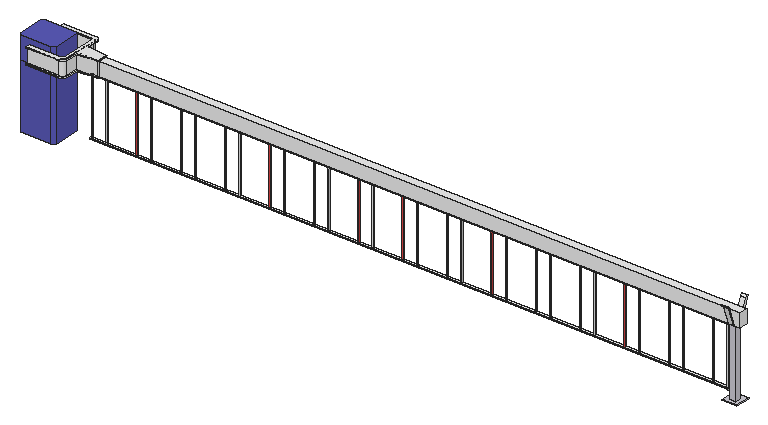
Revit family "LBA12", category Equipement spécialisé, Revit 2017
Family settings
  Cote de connecteur circulaire = Utiliser le diamètre
  Type d'élément = Normal
  Basée sur le plan de construction = Non
  Toujours verticalement = Oui
  Couper avec des vides une fois chargée = Non
  Partagée = Non
  Point de calcul de pièce = Non
Parameters (values of type "LBA12_lisse_GA 9000")
  position_grille1_GA = Origine_GA + 20 mm  # 195 mm
  origine_GTH = 210 mm
  matériau_repose_barrière = POSTE SUPPORT
  URL = "https://barriere-automatique.com/fr/"
  Origine_GA = W + 20 mm  # 175 mm
  matériau_lisse = BLANC_MAT
  matériau_base = BLANC_MAT
  matériau_chapeau = BLANC_MAT
  matériau_borne = Stratifié, bleu marine
  matériau_bandes_rouges = Plastique, rouge reflet
  longueur_lisse = 9000 mm
  longueur_chapeau = longueur_borne  # 420 mm
  longueur_borne = 420 mm
  longueur_HP = longueur_lisse - epaisseur_repose_barrière_V  # 8925 mm
  longueur_GA = longueur_lisse - Origine_GA  # 8825 mm
  largeur_chapeau = largeur_borne  # 490 mm
  largeur_borne = 490 mm
  hauteur_lisse = 180 mm
  hauteur_grille_HP = 900 mm
  h_GTH = 1000 mm
  h_GA = h_chapeau - 120 mm * 2  # 783 mm
  h_repose_barrière = h_chapeau - (hauteur_lisse) / 2  # 933 mm
  h_chapeau = 1023 mm
  h_axe_chapeau = 150 mm
  epaisseur_repose_barrière_V = 75 mm
  epaisseur_lisse = 118 mm
  entreaxe_massifs = 9291 mm
  décalage sous lisse_GA = hauteur_lisse / 2 + 40 mm  # 130 mm
  distance_entre_grilles_GA = 390 mm
  distance_entre_barreau = 200 mm
  diamètre_grillage_GA = 15 mm
  diamètre_bareau_GA = 25 mm
  W = 155 mm
  Visibilité_Support = yes
  Visibilité_HP = no
  origine_grille_HP = 50 mm
  Visibilité_GTH = no
  Visibilité_GA = yes
  Nombre_barreaux_GA = 15
  Modèle = "LBA 12 GA"
  H_FX = 200 mm
  Fabricant = "La Barrière Automatique"
  Angle_lisse [instance] = 0.00°
Types (4, lengths in mm): name | origine_GTH | longueur_lisse | longueur_HP | longueur_GA | h_GTH | entreaxe_massifs | Visibilité_HP | Visibilité_GTH | Visibilité_GA | Nombre_barreaux_GA | Modèle
  (no name) | 210 | 9000 | 8925 | 8825 | 1000 | 9291 | no | no | yes | 15 | "LBA 12 GA"
  LBA12_lisse_HP 6000 | 210 | 6000 | 5925 | 5825 | 1000 | 6340 | yes | no | yes | 11 | "LBA 12 HP"
  LBA12_lisse_GTH 7000 | 350 | 7000 | 6925 | 6825 | 1740 | 7291 | no | yes | no | 11 | "LBA 12 GTH"
  LBA12_lisse_GA 9000 | 210 | 9000 | 8925 | 8825 | 1000 | 9291 | no | no | yes | 15 | "LBA 12 GA"
Reference planes
  plane 1 "Centre (avant/arrière)": y = 0
  plane 2: z = 0
  plane 3 "Centre (gauche/droite)": x = 0
  plane 4 "chapeau_borne": z = 1023
  plane 5 "W": x = 400
  plane 6: z = 97.5
Lines and regions (mm)
  reference lines
    curve 1: line (0, 0, 1023) -> (740, 0, 1023)
  symbolic lines
    curve 2: line (9191, 100, 1023) -> (9253.5, 100, 1023)
    curve 3: line (9328.5, 171.696, 1023) -> (9253.5, 171.696, 1023)
    curve 4: line (9328.5, -171.696, 1023) -> (9253.5, -171.696, 1023)
    curve 5: line (9391, -100, 1023) -> (9391, 100, 1023)
    curve 6: line (9191, 100, 1023) -> (9191, -100, 1023)
    curve 7: line (9191, -100, 1023) -> (9253.5, -100, 1023)
    curve 8: line (9253.5, -100, 1023) -> (9253.5, -171.696, 1023)
    curve 9: line (9253.5, 100, 1023) -> (9253.5, 171.696, 1023)
    curve 10: line (9328.5, 171.696, 1023) -> (9328.5, 100, 1023)
    curve 11: line (9328.5, -171.696, 1023) -> (9328.5, -100, 1023)
    curve 12: line (9328.5, -100, 1023) -> (9391, -100, 1023)
    curve 13: line (9391, 100, 1023) -> (9328.5, 100, 1023)
    curve 14: line (-50, -313.988, 1023) -> (-50, -210, 1023)
Dimensions and locks
  "h_chapeau": plane 4 "chapeau_borne" to plane 2
  "entreaxe_massifs": plane 3 "Centre (gauche/droite)" to nested 4
  "W": nested 2 to plane 5 "W"
  nested 1 to plane 5 "W" = 400 mm
  "Angle_lisse": angle plane 4 "chapeau_borne" to curve 1
  aligned and locked: level to plane 2
  aligned and locked: plane 4 "chapeau_borne" to curve 1
  aligned and locked: plane 3 "Centre (gauche/droite)" to curve 1
  aligned and locked: plane 1 "Centre (avant/arrière)" to nested 2
  aligned and locked: plane 1 "Centre (avant/arrière)" to nested 1
  aligned and locked: plane 3 "Centre (gauche/droite)" to nested 1
  aligned and locked: plane 1 "Centre (avant/arrière)" to nested 4
  aligned and locked: curve 5 to nested 4
  aligned and locked: curve 8 to nested 4
  aligned and locked: curve 7 to nested 4
  aligned and locked: curve 6 to nested 4
  aligned and locked: curve 4 to nested 4
  aligned and locked: nested 4 to curve 9
  aligned and locked: curve 3 to nested 4
  aligned and locked: curve 10 to nested 4
  aligned and locked: curve 11 to nested 4
  aligned and locked: curve 12 to nested 4
  aligned and locked: curve 13 to nested 4
  aligned and locked: plane 3 "Centre (gauche/droite)" to nested 2
  aligned and locked: nested 2 to plane 4 "chapeau_borne"
  aligned and locked: nested 2 to nested 1
Automatic sketch dimensions
  curve 14 to plane 3 "Centre (gauche/droite)" = 50 mm
  curve 3 to curve 9 = 71.696 mm
  curve 14 to curve 14 = 103.988 mm
  plane 1 "Centre (avant/arrière)" to curve 14 = 313.988 mm
Nested families
  nested 1: "borne_LBA" at (0, 0, 0), type "Bone base"
    with hauteur 873 mm
  nested 2: "chapeau_borne_blue_LBA" at (0, 0, 1023), type "Bone base"
    with longueur 420 mm, largeur 490 mm, hauteur 150 mm
  nested 3: "lisse_HP_LBA" at (400, 0, 1023), type "lisse"
    with longueur 9000 mm, L_moins_variables 8999.7 mm
  nested 4: "répose_barrière_LBA" at (9291, 0, 0), visible <- "Visibilité_Support", type "support_base"
  nested 5: "lisse_ovale_GA_LBA" at (400, 0, 1023), visible <- "Visibilité_GA", type "rideau pour lisse"
    with longueur_moins_x 8650 mm, groupes 15, longueur 8825 mm
  nested 6: "attache borne_pour LBA86HP_LBA" at (0, 0, 1023) x (1, 0, 0) z (0, 0, -1), type "attache borne_pour LBA86HP_LBA"
    with longueur_borne 420 mm, largeur_borne 490 mm, h_lisse_ext_FX 180 mm, longueur_attache 520 mm, largeur_attache 400 mm, w 155 mm, epaisseur_lisse_ext_FX 118 mm, h_demi 100 mm, e_embout_bord 138 mm, U_hauteur 200 mm
  nested 7: "lisse_GrilleHP_LBA" at (400, 0, 1123), visible <- "Visibilité_HP", type "rideau pour lisse"
    with longueur_moins_x 8875 mm, groupes 15, longueur 8925 mm
  nested 8: "lisse_ovale_GTH_LBA" at (400, 0, 1023) x (1, 0, 0) z (0, 0, -1), visible <- "Visibilité_GTH", type "rideau pour lisse"
    with origine_groupe 240 mm, longueur_moins_x 8615 mm, epaisseur_lisse 118 mm, origine 210 mm, longueur 8825 mm
Definition of nested family "borne_LBA"
  Parameters (values of type "Bone base")
    longueur = 420 mm
    largeur = 490 mm
    hauteur [instance] = 1028 mm
    Matériaux borne = none
  Reference planes
    plane 1 "Centre (avant/arrière)": y = 0
    plane 2: z = 0
    plane 3 "Centre (gauche/droite)": x = 0
    plane 4: y = 210
    plane 5: x = 245
    plane 6: y = -210
    plane 7: x = -245
    plane 8: z = 1028
    plane 9: y = 170
    plane 10: y = -170
    plane 11: x = -205
    plane 12: x = 205
  Forms (mm)
    Extrusion 1, solid, material <- "Matériaux borne"
      sketch origin (0, 0, 0) x (1, 0, 0) y (0, 1, 0)
        loop
          line (-245, 210) -> (-245, -210) -> (245, -210) -> (245, 210) -> (-245, 210)
      from 0 to 1028
    Extrusion 2, void
      sketch origin (0, 0, 0) x (1, 0, 0) y (0, 1, 0)
        loop
          line (-245, 170) -> (-205, 210) -> (-245, 210) -> (-245, 170)
        loop
          line (245, 170) -> (245, 210) -> (205, 210) -> (245, 170)
        loop
          line (-245, -170) -> (-245, -210) -> (-205, -210) -> (-245, -170)
        loop
          line (245, -170) -> (205, -210) -> (245, -210) -> (245, -170)
      from 0 to 1028
  Cuts and joins
    Extrusion 2 cuts Extrusion 1
  Lines and regions (mm)
    symbolic lines
      curve 1: line (-245, 210, 0) -> (245, 210, 0)
      curve 2: line (-245, -210, 0) -> (-245, 210, 0)
      curve 3: line (245, -210, 0) -> (-245, -210, 0)
      curve 4: line (245, 210, 0) -> (245, -210, 0)
  Dimensions and locks
    equal spacing: plane 4, plane 1 "Centre (avant/arrière)", plane 6
    "longueur": plane 4 to plane 6
    equal spacing: plane 7, plane 3 "Centre (gauche/droite)", plane 5
    "largeur": plane 7 to plane 5
    "hauteur": plane 8 to plane 2
    equal spacing: plane 11, plane 3 "Centre (gauche/droite)", plane 12
    equal spacing: plane 9, plane 1 "Centre (avant/arrière)", plane 10
    plane 7 to plane 11 = 40 mm
    plane 4 to plane 9 = 40 mm
    aligned and locked: level to plane 2
    aligned and locked: Extrusion 1 sketch curve to plane 4
    aligned and locked: plane 7 to Extrusion 1 sketch curve
    aligned and locked: plane 6 to Extrusion 1 sketch curve
    aligned and locked: Extrusion 1 sketch curve to plane 5
    aligned and locked: plane 8 to Extrusion 1
    aligned and locked: Extrusion 2 sketch curve to plane 4
    aligned and locked: plane 7 to Extrusion 2 sketch curve
    aligned and locked: plane 11 to Extrusion 2 sketch curve  (x2)
    aligned and locked: plane 9 to Extrusion 2 sketch curve  (x2)
    aligned and locked: plane 4 to Extrusion 2 sketch curve  (x2)
    aligned and locked: Extrusion 2 sketch curve to plane 6
    aligned and locked: Extrusion 2 sketch curve to plane 7
    aligned and locked: plane 10 to Extrusion 2 sketch curve  (x2)
    aligned and locked: Extrusion 2 sketch curve to plane 5
    aligned and locked: plane 6 to Extrusion 2 sketch curve
    aligned and locked: plane 5 to Extrusion 2 sketch curve
    aligned and locked: plane 12 to Extrusion 2 sketch curve  (x2)
    aligned and locked: plane 8 to Extrusion 2
    aligned and locked: curve 4 to plane 5
    aligned and locked: curve 1 to plane 4
    aligned and locked: plane 7 to curve 2
    aligned and locked: plane 6 to curve 3
Definition of nested family "chapeau_borne_blue_LBA"
  Parameters (values of type "Bone base")
    longueur = 400 mm
    largeur = 420 mm
    hauteur = 112 mm
    Matériaux borne = none
  Reference planes
    plane 1 "Centre (avant/arrière)": y = 0
    plane 2: z = 0
    plane 3 "Centre (gauche/droite)": x = 0
    plane 4: y = 200
    plane 5: x = 210
    plane 6: y = -200
    plane 7: x = -210
    plane 8: z = 112
    plane 9 "base chapeau": z = -112
    plane 10: y = 160
    plane 11: y = -160
    plane 12: x = -170
    plane 13: x = 170
  Forms (mm)
    Sweep 1, solid, material <- "Matériaux borne"
      path origin (0, 0, -112) x (-1, 0, 0) y (0, -1, 0)
        loop
          line (0, -200) -> (0, 200)
      profile origin (0, 0, -112) x (1, 0, 0) y (0, 0, 1)
        loop
          line (-210, 0) -> (210, 0) -> (210, 224) -> (-210, 224) -> (-210, 0)
    Extrusion 2, void
      sketch origin (0, 0, -112) x (-1, 0, 0) y (0, -1, 0)
        loop
          line (210, -200) -> (210, -160) -> (170, -200) -> (210, -200)
        loop
          line (-210, -200) -> (-170, -200) -> (-210, -160) -> (-210, -200)
        loop
          line (210, 200) -> (170, 200) -> (210, 160) -> (210, 200)
        loop
          line (-210, 200) -> (-210, 160) -> (-170, 200) -> (-210, 200)
      from 0 to 224
  Cuts and joins
    Extrusion 2 cuts Sweep 1
  Lines and regions (mm)
    symbolic lines
      curve 1: line (-290, 0, 0) -> (320, 0, 0)
  Dimensions and locks
    equal spacing: plane 4, plane 1 "Centre (avant/arrière)", plane 6
    "longueur": plane 4 to plane 6
    equal spacing: plane 7, plane 3 "Centre (gauche/droite)", plane 5
    "largeur": plane 7 to plane 5
    "hauteur": plane 8 to plane 2
    "hauteur": plane 2 to plane 9 "base chapeau"
    equal spacing: plane 10, plane 1 "Centre (avant/arrière)", plane 11
    equal spacing: plane 12, plane 3 "Centre (gauche/droite)", plane 13
    plane 4 to plane 10 = 40 mm
    plane 7 to plane 12 = 40 mm
    aligned and locked: level to plane 2
    aligned and locked: plane 6 to Sweep 1 sketch curve
    aligned and locked: plane 4 to Sweep 1 sketch curve
    aligned and locked: Sweep 1 sketch curve to plane 9 "base chapeau"
    aligned and locked: plane 5 to Sweep 1 sketch curve
    aligned and locked: plane 7 to Sweep 1 sketch curve
    aligned and locked: Sweep 1 sketch curve to plane 8
    aligned and locked: curve 1 to plane 2
    aligned and locked: plane 12 to Extrusion 2 sketch curve  (x2)
    aligned and locked: plane 10 to Extrusion 2 sketch curve  (x2)
    aligned and locked: Extrusion 2 sketch curve to plane 4
    aligned and locked: plane 7 to Extrusion 2 sketch curve  (x2)
    aligned and locked: Extrusion 2 sketch curve to plane 6
    aligned and locked: Extrusion 2 sketch curve to plane 7
    aligned and locked: plane 6 to Extrusion 2 sketch curve  (x2)
    aligned and locked: Extrusion 2 sketch curve to plane 5
    aligned and locked: plane 11 to Extrusion 2 sketch curve  (x2)
    aligned and locked: plane 13 to Extrusion 2 sketch curve  (x2)
    aligned and locked: plane 4 to Extrusion 2 sketch curve  (x2)
    aligned and locked: plane 5 to Extrusion 2 sketch curve
    aligned and locked: plane 8 to Extrusion 2
    aligned and locked: Extrusion 2 to plane 9 "base chapeau"
  Automatic sketch dimensions
    Sweep 1 sketch curve to plane 3 "Centre (gauche/droite)" = 0 mm
    curve 1 to plane 7 = 80 mm
    plane 5 to curve 1 = 110 mm
Definition of nested family "lisse_HP_LBA"
  Parameters (values of type "lisse")
    longueur_variable1 = 0.3 mm
    matériau bandeau = none
    longueur_variable2 = Variable_totale - longueur_variable1  # 249.7 mm
    longueur = 4000 mm
    hauteur_totale = 180 mm
    hauteur = hauteur_totale / 2  # 90 mm
    espacement_vide = epaisseur_lisse / 2.5  # 47.2 mm
    epaisseur_lisse = 118 mm
    decalage vide = hauteur / 1.5  # 60 mm
    Variable_totale = 250 mm
    Matériaux lisse = none
    L_moins_variables = longueur - longueur_variable1  # 3999.7 mm
    Default Elevation = 1219.2 mm
  Reference planes
    plane 1 "Centre (avant/arrière)": y = 0
    plane 2: z = 0
    plane 3 "Centre (gauche/droite)": x = 0
    plane 4: y = 59
    plane 5: x = 3999.7
    plane 6: y = -59
    plane 7: x = -0.3
    plane 8: z = 90
    plane 9 "base chapeau": z = -90
    plane 10: x = 249.7
  Forms (mm)
    Extrusion 1, solid, material <- "Matériaux lisse"
      sketch origin (0, 0, 0) x (0, 1, 0) y (0, 0, 1)
        loop
          line (-59, 90) -> (-59, -90) -> (59, -90) -> (59, 90) -> (-59, 90)
      from -0.3 to 3999.7
  Lines and regions (mm)
    symbolic lines
      curve 1: line (-0.3, 59, 0) -> (3999.7, 59, 0)
      curve 2: line (-0.3, -59, 0) -> (-0.3, 59, 0)
      curve 3: line (3999.7, -59, 0) -> (-0.3, -59, 0)
      curve 4: line (3999.7, 59, 0) -> (3999.7, -59, 0)
  Dimensions and locks
    equal spacing: plane 4, plane 1 "Centre (avant/arrière)", plane 6
    "epaisseur_lisse": plane 4 to plane 6
    "hauteur": plane 8 to plane 2
    "hauteur": plane 2 to plane 9 "base chapeau"
    "longueur_variable1": plane 7 to plane 3 "Centre (gauche/droite)"
    "L_moins_variables": plane 3 "Centre (gauche/droite)" to plane 5
    "longueur_variable2": plane 3 "Centre (gauche/droite)" to plane 10
    plane 7 to plane 5 = 4000 mm
    aligned and locked: level to plane 2
    aligned and locked: Extrusion 1 sketch curve to plane 8
    aligned and locked: plane 6 to Extrusion 1 sketch curve
    aligned and locked: plane 9 "base chapeau" to Extrusion 1 sketch curve
    aligned and locked: Extrusion 1 sketch curve to plane 4
    aligned and locked: Extrusion 1 to plane 7
    aligned and locked: plane 5 to Extrusion 1
    aligned and locked: curve 1 to Extrusion 1
    aligned and locked: curve 3 to Extrusion 1
    aligned and locked: curve 4 to Extrusion 1
    aligned and locked: plane 7 to curve 2
Definition of nested family "répose_barrière_LBA"
  Parameters (values of type "support_base")
    matériau_repose_barrier = none
    matériau_plaque au pied = none
    longueur = 200 mm
    largeur = 200 mm
    h_support = 856 mm
    epaisseur_support_V = 100 mm
    epaisseur_barrière = 75 mm
    epaisseur = 6 mm
  Reference planes
    plane 1 "Centre (avant/arrière)": y = 0
    plane 2: z = 0
    plane 3 "Centre (gauche/droite)": x = 0
    plane 4: y = 100
    plane 5: x = 100
    plane 6: x = -100
    plane 7: y = -100
    plane 8: y = 40
    plane 9: y = -40
    plane 10: x = 50
    plane 11: x = -50
    plane 12: z = 6
    plane 13 "h": z = 856
  Forms (mm)
    Extrusion 1, solid, material <- "matériau_plaque au pied"
      sketch origin (0, 0, 0) x (1, 0, 0) y (0, 1, 0)
        loop
          line (-100, 100) -> (-100, -100) -> (100, -100) -> (100, 100) -> (-100, 100)
      from 0 to 6
    Extrusion 2, solid, material <- "matériau_plaque au pied"
      sketch origin (0, 0, 0) x (1, 0, 0) y (0, 1, 0)
        loop
          line (-50, 40) -> (-50, -40) -> (50, -40) -> (50, 40) -> (-50, 40)
      from 0 to 856
  Cuts and joins
    joined: Extrusion 1, Extrusion 2
  Lines and regions (mm)
    symbolic lines
      curve 1: line (-100, 100, 0) -> (-50, 100, 0)
      curve 2: line (-100, -100, 0) -> (-100, 100, 0)
      curve 3: line (100, -100, 0) -> (50, -100, 0)
      curve 4: line (100, 100, 0) -> (100, -100, 0)
      curve 5: line (-50, 171.696, 0) -> (50, 171.696, 0)
      curve 6: line (-50, -171.696, 0) -> (-50, -100, 0)
      curve 7: line (50, -171.696, 0) -> (-50, -171.696, 0)
      curve 8: line (50, 171.696, 0) -> (50, 100, 0)
      curve 9: line (50, -100, 0) -> (50, -171.696, 0)
      curve 10: line (-50, 100, 0) -> (-50, 171.696, 0)
      curve 11: line (-50, -100, 0) -> (-100, -100, 0)
      curve 12: line (50, 100, 0) -> (100, 100, 0)
      curve 13: line (-50, 0, 856) -> (50, 0, 856)
      curve 14: line (-50, 0, 6) -> (-50, 0, 856)
      curve 15: line (50, 0, 856) -> (50, 0, 6)
      curve 19: line (-100, 0, 6) -> (-50, 0, 6)
      curve 20: line (50, 0, 6) -> (100, 0, 6)
      curve 21: line (0, -100, 6) -> (0, -40, 6)
      curve 22: line (0, -100, 0) -> (0, -100, 6)
      curve 23: line (0, 100, 0) -> (0, -100, 0)
      curve 24: line (0, 100, 6) -> (0, 100, 0)
      curve 25: line (0, -40, 856) -> (0, 40, 856)
      curve 26: line (0, -40, 6) -> (0, -40, 856)
      curve 27: line (0, 40, 856) -> (0, 40, 6)
      curve 28: line (0, 40, 6) -> (0, 100, 6)
      curve 29: line (0, 40, 856) -> (0, 144.418, 1099.561)
      curve 30: line (0, 144.418, 1099.561) -> (0, 169.985, 1125.127)
      curve 31: line (0, -40, 856) -> (0, -144.418, 1099.561)
      curve 32: line (0, -144.418, 1099.561) -> (0, -169.985, 1125.127)
    model lines
      curve 16: line (-100, 0, 6) -> (-100, 0, 0)
    model lines, not visible
      curve 17: line (100, 0, 6) -> (100, 0, 0)
      curve 18: line (-100, 0, 0) -> (100, 0, 0)
  Dimensions and locks
    equal spacing: plane 6, plane 3 "Centre (gauche/droite)", plane 5
    "largeur": plane 6 to plane 5
    equal spacing: plane 4, plane 1 "Centre (avant/arrière)", plane 7
    "longueur": plane 4 to plane 7
    equal spacing: plane 11, plane 3 "Centre (gauche/droite)", plane 10
    equal spacing: plane 8, plane 1 "Centre (avant/arrière)", plane 9
    "epaisseur": plane 12 to plane 2
    "h_support": plane 13 "h" to plane 2
    plane 1 "Centre (avant/arrière)" to Extrusion 2 = 40 mm
    "epaisseur_support_V": plane 11 to plane 10
    plane 8 to plane 9 = 80 mm
    aligned and locked: level to plane 2
    aligned and locked: plane 6 to Extrusion 1
    aligned and locked: Extrusion 1 sketch curve to plane 5
    aligned and locked: plane 6 to Extrusion 1 sketch curve
    aligned and locked: plane 7 to Extrusion 1 sketch curve
    aligned and locked: Extrusion 1 sketch curve to plane 4
    aligned and locked: Extrusion 2 sketch curve to plane 8
    aligned and locked: plane 11 to Extrusion 2 sketch curve
    aligned and locked: plane 9 to Extrusion 2 sketch curve
    aligned and locked: Extrusion 2 sketch curve to plane 10
    aligned and locked: plane 12 to Extrusion 1
    aligned and locked: plane 3 "Centre (gauche/droite)" to nested 1
    aligned and locked: plane 1 "Centre (avant/arrière)" to nested 1
    aligned and locked: plane 13 "h" to cut or joined group of Extrusion 1, Extrusion 2
    aligned and locked: curve 5 to nested 1
    aligned and locked: curve 1 to plane 4
    aligned and locked: curve 4 to plane 5
    aligned and locked: plane 6 to curve 2
    aligned and locked: curve 7 to nested 1
    aligned and locked: plane 7 to curve 3
    aligned and locked: curve 8 to plane 10
    aligned and locked: plane 7 to curve 9
    aligned and locked: curve 9 to plane 10
    aligned and locked: plane 4 to curve 10
    aligned and locked: plane 11 to curve 6
    aligned and locked: plane 11 to curve 11
    aligned and locked: plane 11 to curve 1
    aligned and locked: plane 10 to curve 12
    aligned and locked: curve 15 to plane 10
    aligned and locked: plane 11 to curve 14
    aligned and locked: curve 18 to plane 2
    aligned and locked: plane 12 to curve 17
    aligned and locked: plane 12 to curve 16
    aligned and locked: curve 13 to plane 13 "h"
    aligned and locked: curve 24 to plane 4
    aligned and locked: plane 7 to curve 22
    aligned and locked: plane 2 to curve 23
    aligned and locked: curve 21 to plane 12
    aligned and locked: plane 9 to curve 26
    aligned and locked: curve 25 to plane 13 "h"
    aligned and locked: curve 27 to plane 8
    aligned and locked: plane 12 to curve 27
    aligned and locked: plane 12 to curve 26
    aligned and locked: nested 1 to curve 30
    aligned and locked: plane 13 "h" to curve 29
    aligned and locked: nested 1 to curve 32
    aligned and locked: plane 9 to curve 31
  Automatic sketch dimensions
    curve 8 to plane 4 = 0 mm
    curve 11 to plane 7 = 0 mm
    curve 32 to plane 7 = 44.418 mm
    plane 4 to curve 29 = 44.418 mm
    plane 13 "h" to curve 29 = 243.561 mm
    curve 32 to curve 31 = 25.566 mm
    curve 29 to curve 30 = 25.566 mm
    curve 31 to curve 32 = 25.566 mm
    curve 16 to plane 6 = 0 mm
    curve 18 to plane 5 = 0 mm
  Nested families
    nested 1: "répose_barrière_forme_V_LBA" at (0, 0, 856), type "support_base"
      with longueur 75 mm
  Definition of nested family "répose_barrière_forme_V_LBA"
    Parameters (values of type "support_base")
      matériau_répose_barrière = none
      longueur = 150 mm
      largeur = 100 mm
      h_support = 916 mm
      epaisseur = 6 mm
      Default Elevation = 1219.2 mm
    Reference planes
      plane 1 "Centre (avant/arrière)": y = 0
      plane 2: z = 0
      plane 3 "Centre (gauche/droite)": x = 0
      plane 4: y = 75
      plane 5: x = 50
      plane 6: x = -50
      plane 7: y = -75
      plane 8: x = 33.265
      plane 9: x = -33.265
    Forms (mm)
      Sweep 1, solid, material <- "matériau_répose_barrière"
        path origin (0, 0, 0) x (1, 0, 0) y (0, 1, 0)
          loop
            line (-50, 0) -> (50, 0)
        profile origin (0, 0, 0) x (0, 1, 0) y (0, 0, 1)
          loop
            line (0, 0) -> (-75, 0) -> (-143.412, 246.202) -> (-168.161, 270.951) -> (-171.696, 267.415) -> (-147.877, 243.596) -> (-78.8, -5) -> (0, -5) -> (78.8, -5) -> (147.877, 243.596) -> (171.696, 267.415) -> (168.161, 270.951) -> (143.412, 246.202) -> (75, 0) -> (0, 0)
    Dimensions and locks
      equal spacing: plane 6, plane 3 "Centre (gauche/droite)", plane 5
      "largeur": plane 6 to plane 5
      equal spacing: plane 4, plane 1 "Centre (avant/arrière)", plane 7
      "longueur": plane 4 to plane 7
      equal spacing: plane 9, plane 3 "Centre (gauche/droite)", plane 8
      aligned and locked: level to plane 2
      aligned and locked: plane 5 to Sweep 1 sketch curve
      aligned and locked: plane 6 to Sweep 1 sketch curve
      aligned and locked: plane 7 to Sweep 1 sketch curve
      aligned and locked: plane 2 to Sweep 1 sketch curve  (x2)
      aligned and locked: plane 4 to Sweep 1 sketch curve
    Automatic sketch dimensions
      plane 1 "Centre (avant/arrière)" to Sweep 1 sketch curve = 0 mm
      Sweep 1 sketch curve to profile plane = 0 mm  (x2)
      Sweep 1 sketch curve to level = 5 mm
      Sweep 1 sketch curve to Sweep 1 sketch curve = 3.8 mm  (x2)
      profile plane to Sweep 1 sketch curve = 143.412 mm
      Sweep 1 sketch curve to Sweep 1 sketch curve = 4.465 mm
      Sweep 1 sketch curve to Sweep 1 sketch curve = 20.283 mm  (x2)
      Sweep 1 sketch curve to Sweep 1 sketch curve = 3.536 mm  (x3)
      Sweep 1 sketch curve to profile plane = 143.412 mm
      level to Sweep 1 sketch curve = 243.596 mm  (x2)
      Sweep 1 sketch curve to Sweep 1 sketch curve = 2.606 mm  (x2)
Definition of nested family "lisse_ovale_GA_LBA"
  Parameters (values of type "rideau pour lisse")
    matériau_barrière_rideau = none
    matériau_bandeau = none
    longueur_moins_x = longueur - Origine_grille_GA  # 5750 mm
    h_rideau = 783 mm
    groupes = 12
    décalage_souslisse = 130 mm
    diamètre_vertical = 15 mm
    diamètre_horizontal = 25 mm
    d_entre_barreau = d_barreau 1 * 2  # 390 mm
    d_barreau 1 = 195 mm
    longueur = 5925 mm
    Origine_grille_GA = 175 mm
    Default Elevation = 1219.2 mm
  Reference planes
    plane 1 "Centre (avant/arrière)": y = 0
    plane 2: z = 0
    plane 3 "Centre (gauche/droite)": x = 0
    plane 4 "s": z = -130
    plane 5: x = 175
    plane 6 "base rideau": z = -913
    plane 7: x = 5925
    plane 8: x = 5895
    plane 9: x = 390
    plane 10: x = 5895
    plane 11: x = 890.455
    plane 12: x = 1390.909
    plane 13: x = 1891.364
    plane 14: x = 2391.818
    plane 15: x = 2892.273
    plane 16: x = 3392.727
    plane 17: x = 3893.182
    plane 18: x = 4393.636
    plane 19: x = 4894.091
    plane 20: x = 5394.545
  Forms (mm)
    Sweep 1, solid, material <- "matériau_barrière_rideau"
      path origin (0, 0, -130) x (-1, 0, 0) y (0, -1, 0)
        loop
          line (-175, 0) -> (-5925, 0)
      profile origin (3050, 0, -130) x (0, 1, 0) y (0, 0, 1)
        loop
          circle (0, 0) r 12.5
    Sweep 2, solid, material <- "matériau_barrière_rideau"
      path origin (0, 0, -913) x (-1, 0, 0) y (0, -1, 0)
        loop
          line (-175, 0) -> (-5925, 0)
      profile origin (3050, 0, -913) x (0, 1, 0) y (0, 0, 1)
        loop
          circle (0, 0) r 12.5
  Lines and regions (mm)
    model lines, not visible
      curve 1: line (0, 120, -913) -> (0, -120, -913)
      curve 2: line (-80, 0, -913) -> (100, 0, -913)
  Dimensions and locks
    "décalage_souslisse": plane 2 to plane 4 "s"
    "Origine_grille_GA": plane 3 "Centre (gauche/droite)" to plane 5
    "longueur_moins_x": plane 5 to plane 7
    "h_rideau": plane 4 "s" to plane 6 "base rideau"
    equal spacing: group 1, group 3, group 4, group 5, group 6, group 7, group 8, group 9, group 10, group 11, group 12, group 2  (x3)
    plane 7 to plane 8 = 30 mm
    "diamètre_horizontal": diameter of Sweep 1 sketch curve
    "diamètre_horizontal": diameter of Sweep 2 sketch curve
    aligned and locked: level to plane 2
    aligned and locked: plane 5 to Sweep 1 sketch curve
    aligned and locked: plane 1 "Centre (avant/arrière)" to Sweep 1 sketch curve
    aligned and locked: plane 5 to Sweep 2 sketch curve
    aligned and locked: plane 7 to Sweep 1 sketch curve
    aligned and locked: plane 7 to Sweep 2 sketch curve
    aligned and locked: plane 4 "s" to nested 1  (x2)
    aligned and locked: nested 1 to plane 4 "s"  (x2)
    aligned and locked: nested 2 to plane 4 "s"  (x2)
    aligned and locked: nested 1 to plane 6 "base rideau"  (x2)
    aligned and locked: plane 1 "Centre (avant/arrière)" to curve 2
    aligned and locked: curve 1 to plane 3 "Centre (gauche/droite)"
    aligned and locked: nested 1 to plane 3 "Centre (gauche/droite)"
    aligned and locked: nested 2 to plane 8
    aligned and locked: plane 9 to nested 1
    aligned and locked: plane 10 to nested 2
    aligned and locked: plane 11 to nested 3
    aligned and locked: plane 12 to nested 4
    aligned and locked: plane 13 to nested 5
    aligned and locked: plane 14 to nested 6
    aligned and locked: plane 15 to nested 7
    aligned and locked: plane 16 to nested 8
    aligned and locked: plane 17 to nested 9
    aligned and locked: plane 18 to nested 10
    aligned and locked: plane 10 to plane 8
    aligned and locked: plane 19 to nested 11
    aligned and locked: plane 20 to nested 12
  Automatic sketch dimensions
    plane 1 "Centre (avant/arrière)" to Sweep 2 sketch curve = 0 mm
    plane 3 "Centre (gauche/droite)" to curve 2 = 100 mm
    curve 2 to plane 3 "Centre (gauche/droite)" = 80 mm
    curve 1 to plane 1 "Centre (avant/arrière)" = 120 mm
    plane 1 "Centre (avant/arrière)" to curve 1 = 120 mm
    Sweep 1 sketch curve to plane 4 "s" = 0 mm
    Sweep 1 sketch curve to profile plane = 0 mm
    Sweep 2 sketch curve to plane 6 "base rideau" = 0 mm
    Sweep 2 sketch curve to profile plane = 0 mm
  Nested families
    nested 1: "rideau_base_groupeGA_LBA" at (0, 0, -130), type "rideau_base_groupeGA_LBA"
      with largeur 390 mm, h 783 mm, a 195 mm
    nested 2: "rideau_base_groupeGA_LBA" at (5505, 0, -130), type "rideau_base_groupeGA_LBA"
      with largeur 390 mm, h 783 mm, a 195 mm
    nested 3: "rideau_base_groupeGA_LBA" at (500.455, 0, -130), type "rideau_base_groupeGA_LBA"
      with largeur 390 mm, h 783 mm, a 195 mm
    nested 4: "rideau_base_groupeGA_LBA" at (1000.909, 0, -130), type "rideau_base_groupeGA_LBA"
      with largeur 390 mm, h 783 mm, a 195 mm
    nested 5: "rideau_base_groupeGA_LBA" at (1501.364, 0, -130), type "rideau_base_groupeGA_LBA"
      with largeur 390 mm, h 783 mm, a 195 mm
    nested 6: "rideau_base_groupeGA_LBA" at (2001.818, 0, -130), type "rideau_base_groupeGA_LBA"
      with largeur 390 mm, h 783 mm, a 195 mm
    nested 7: "rideau_base_groupeGA_LBA" at (2502.273, 0, -130), type "rideau_base_groupeGA_LBA"
      with largeur 390 mm, h 783 mm, a 195 mm
    nested 8: "rideau_base_groupeGA_LBA" at (3002.727, 0, -130), type "rideau_base_groupeGA_LBA"
      with largeur 390 mm, h 783 mm, a 195 mm
    nested 9: "rideau_base_groupeGA_LBA" at (3503.182, 0, -130), type "rideau_base_groupeGA_LBA"
      with largeur 390 mm, h 783 mm, a 195 mm
    nested 10: "rideau_base_groupeGA_LBA" at (4003.636, 0, -130), type "rideau_base_groupeGA_LBA"
      with largeur 390 mm, h 783 mm, a 195 mm
    nested 11: "rideau_base_groupeGA_LBA" at (4504.091, 0, -130), type "rideau_base_groupeGA_LBA"
      with largeur 390 mm, h 783 mm, a 195 mm
    nested 12: "rideau_base_groupeGA_LBA" at (5004.545, 0, -130), type "rideau_base_groupeGA_LBA"
      with largeur 390 mm, h 783 mm, a 195 mm
  Definition of nested family "rideau_base_groupeGA_LBA"
    Parameters (values of type "rideau_base_groupeGA_LBA")
      matériau_reflet = none
      matériau_base = none
      largeur = 350 mm
      h = 900 mm
      d_rid = 15 mm
      a = 100 mm
    Reference planes
      plane 1 "Centre (avant/arrière)": y = 0
      plane 2: z = 0
      plane 3 "Centre (gauche/droite)": x = 0
      plane 4: x = 350
      plane 5: z = -900
      plane 6: x = 100
    Forms (mm)
      Extrusion 1, solid, material <- "matériau_reflet"
        sketch origin (0, 0, 0) x (1, 0, 0) y (0, 1, 0)
          loop
            circle (100, 0) r 7.5
        from 0 to -900
      Extrusion 2, solid, material <- "matériau_base"
        sketch origin (0, 0, 0) x (1, 0, 0) y (0, 1, 0)
          loop
            circle (350, 0) r 7.5
        from 0 to -900
    Lines and regions (mm)
      model lines, not visible
        curve 1: line (0, 0, 40) -> (0, 0, -40)
        curve 2: line (-40, 0, 0) -> (40, 0, 0)
    Dimensions and locks
      "largeur": plane 3 "Centre (gauche/droite)" to plane 4
      "h": plane 2 to plane 5
      "a": plane 3 "Centre (gauche/droite)" to plane 6
      "d_rid": diameter of Extrusion 1 sketch curve
      "d_rid": diameter of Extrusion 2 sketch curve
      aligned and locked: level to plane 2
      aligned and locked: Extrusion 1 to plane 5
      aligned and locked: Extrusion 2 to plane 5
      aligned and locked: curve 1 to plane 3 "Centre (gauche/droite)"
      aligned and locked: curve 2 to plane 2
    Automatic sketch dimensions
      curve 2 to plane 3 "Centre (gauche/droite)" = 40 mm
      plane 3 "Centre (gauche/droite)" to curve 2 = 40 mm
      curve 1 to level = 40 mm
      level to curve 1 = 40 mm
      plane 1 "Centre (avant/arrière)" to Extrusion 1 sketch curve = 0 mm
      Extrusion 1 sketch curve to plane 6 = 0 mm
      plane 1 "Centre (avant/arrière)" to Extrusion 2 sketch curve = 0 mm
      Extrusion 2 sketch curve to plane 4 = 0 mm
Definition of nested family "attache borne_pour LBA86HP_LBA"
  Parameters (values of type "attache borne_pour LBA86HP_LBA")
    y = 200 mm
    t_détailbord = 60 mm
    longueur_borne = 400 mm
    largeur_borne = 410 mm
    h_lisse_ext_FX = 200 mm
    matériau = none
    longueur_attache = longueur_borne + 100 mm  # 500 mm
    largeur_attache = largeur_borne / 2 + w  # 395 mm
    w = 190 mm
    epaisseur_lisse_ext_FX = 134.34 mm
    h_demi = U_hauteur / 2  # 110 mm
    e_embout_bord = epaisseur_lisse_ext_FX + e_FX * 2  # 154.34 mm
    e_FX = 10 mm
    U_hauteur = h_lisse_ext_FX + e_FX * 2  # 220 mm
    U_e = 30 mm
    L_embout_FX = 300 mm
    Default Elevation = 1219.2 mm
  Reference planes
    plane 1 "Centre (avant/arrière)": y = 0
    plane 2: z = 0
    plane 3 "Centre (gauche/droite)": x = 0
    plane 4 "arriere": y = 250
    plane 5: x = 395
    plane 6: y = -250
    plane 7 "h": z = 110
    plane 8 "b": z = -110
    plane 9: z = 0
    plane 10: x = -50
    plane 11: x = -205
    plane 12: x = 205
    plane 13: y = -200
    plane 14: y = 200
    plane 15: z = 118
    plane 16: z = -118
    plane 17: y = -100
    plane 18: y = 100
    plane 19: x = 725
    plane 20: y = -77.17
    plane 21: y = 77.17
    plane 22: x = 425
  Forms (mm)
    Extrusion 1, solid, material <- "matériau"
      sketch origin (0, 0, 0) x (1, 0, 0) y (0, 1, 0)
        loop
          line (-50, 250) -> (365, 250)
          arc (365, 250) -> (386.213, 241.213) -> (395, 220) r 30
          line (395, 220) -> (395, -220)
          arc (395, -220) -> (386.213, -241.213) -> (365, -250) r 30
          line (365, -250) -> (-50, -250) -> (-50, -280) -> (365, -280)
          arc (365, -280) -> (407.426, -262.426) -> (425, -220) r 60
          line (425, -220) -> (425, 220)
          arc (425, 220) -> (407.426, 262.426) -> (365, 280) r 60
          line (365, 280) -> (-50, 280) -> (-50, 250)
      from -110 to 110
    Extrusion 2, solid, material <- "matériau"
      sketch origin (0, 0, 110) x (0, -1, 0) y (1, 0, 0)
        loop
          line (-250, -50) -> (-250, 365)
          arc (-250, 365) -> (-241.213, 386.213) -> (-220, 395) r 30
          line (-220, 395) -> (220, 395)
          arc (220, 395) -> (241.213, 386.213) -> (250, 365) r 30
          line (250, 365) -> (250, -50) -> (303.988, -50) -> (303.988, 385)
          arc (303.988, 385) -> (283.485, 434.497) -> (233.988, 455) r 70
          line (233.988, 455) -> (100, 455) -> (77.17, 725) -> (-77.17, 725) -> (-100, 455) -> (-233.988, 455)
          arc (-233.988, 455) -> (-283.485, 434.497) -> (-303.988, 385) r 70
          line (-303.988, 385) -> (-303.988, -50) -> (-250, -50)
      from 0 to 8
    Extrusion 3, solid, material <- "matériau"
      sketch origin (0, 0, -110) x (0, -1, 0) y (1, 0, 0)
        loop
          line (-250, -50) -> (-250, 365)
          arc (-250, 365) -> (-241.213, 386.213) -> (-220, 395) r 30
          line (-220, 395) -> (220, 395)
          arc (220, 395) -> (241.213, 386.213) -> (250, 365) r 30
          line (250, 365) -> (250, -50) -> (303.988, -50) -> (303.988, 385)
          arc (303.988, 385) -> (283.485, 434.497) -> (233.988, 455) r 70
          line (233.988, 455) -> (100, 455) -> (77.17, 725) -> (-77.17, 725) -> (-100, 455) -> (-233.988, 455)
          arc (-233.988, 455) -> (-283.485, 434.497) -> (-303.988, 385) r 70
          line (-303.988, 385) -> (-303.988, -50) -> (-250, -50)
      from 0 to -8
  Cuts and joins
    joined: Extrusion 1, Extrusion 2
  Lines and regions (mm)
    symbolic lines
      curve 1: line (455, -303.988, 0) -> (455, -100, 0)
      curve 2: line (455, 100, 0) -> (455, 303.988, 0)
      curve 3: line (725, -77.17, 0) -> (725, 77.17, 0)
      curve 4: line (455, 303.988, 0) -> (-50, 303.988, 0)
      curve 5: line (-50, -303.988, 0) -> (455, -303.988, 0)
      curve 6: line (-50, -200, 0) -> (-50, -303.988, 0)
      curve 7: line (-50, 303.988, 0) -> (-50, 200, 0)
      curve 8: line (455, 100, 0) -> (725, 77.17, 0)
      curve 9: line (725, -77.17, 0) -> (455, -100, 0)
  Dimensions and locks
    "largeur_attache": plane 3 "Centre (gauche/droite)" to plane 5
    equal spacing: plane 4 "arriere", plane 1 "Centre (avant/arrière)", plane 6
    "longueur_attache": plane 4 "arriere" to plane 6
    plane 10 to plane 3 "Centre (gauche/droite)" = 50 mm
    "U_e": Extrusion 1 sketch curve to plane 4 "arriere"
    "U_e": plane 6 to Extrusion 1 sketch curve
    "h_demi": plane 2 to plane 8 "b"
    "h_demi": plane 7 "h" to plane 2
    equal spacing: plane 14, plane 1 "Centre (avant/arrière)", plane 13
    "longueur_borne": plane 14 to plane 13
    equal spacing: plane 11, plane 3 "Centre (gauche/droite)", plane 12
    "largeur_borne": plane 11 to plane 12
    "t_détailbord": plane 5 to Extrusion 2 sketch curve
    locked: plane 15 to plane 7 "h" at 8
    locked: plane 8 "b" to plane 16 at 8
    equal spacing: plane 18, plane 1 "Centre (avant/arrière)", plane 17
    "e_embout_bord": plane 21 to plane 20
    equal spacing: plane 21, plane 1 "Centre (avant/arrière)", plane 20
    "y": plane 18 to plane 17
    "U_e": plane 5 to plane 22
    "L_embout_FX": plane 22 to plane 19
    aligned and locked: level to plane 2
    aligned and locked: plane 2 to plane 9
    aligned and locked: plane 6 to Extrusion 1 sketch curve
    aligned and locked: Extrusion 1 sketch curve to plane 5
    aligned and locked: Extrusion 1 sketch curve to plane 4 "arriere"
    aligned and locked: Extrusion 1 sketch curve to plane 10
    aligned and locked: plane 10 to Extrusion 1 sketch curve
    aligned and locked: Extrusion 1 to plane 8 "b"
    aligned and locked: plane 7 "h" to Extrusion 1
    aligned and locked: Extrusion 2 sketch curve to plane 4 "arriere"
    aligned and locked: Extrusion 2 sketch curve to plane 5
    aligned and locked: plane 6 to Extrusion 2 sketch curve
    aligned and locked: plane 10 to Extrusion 2 sketch curve
    aligned and locked: Extrusion 2 sketch curve to plane 10
    aligned and locked: cut or joined group of Extrusion 1, Extrusion 2 to plane 7 "h"
    aligned and locked: Extrusion 2 to plane 15
    aligned and locked: curve 1 to cut or joined group of Extrusion 1, Extrusion 2
    aligned and locked: curve 2 to cut or joined group of Extrusion 1, Extrusion 2
    aligned and locked: curve 4 to cut or joined group of Extrusion 1, Extrusion 2
    aligned and locked: curve 5 to cut or joined group of Extrusion 1, Extrusion 2
    aligned and locked: curve 6 to cut or joined group of Extrusion 1, Extrusion 2
    aligned and locked: curve 7 to cut or joined group of Extrusion 1, Extrusion 2
    aligned and locked: curve 7 to plane 10
    aligned and locked: plane 14 to curve 7
    aligned and locked: curve 6 to plane 10
    aligned and locked: plane 13 to curve 6
    aligned and locked: plane 18 to Extrusion 2 sketch curve
    aligned and locked: plane 17 to Extrusion 2 sketch curve
    aligned and locked: plane 17 to curve 1
    aligned and locked: plane 18 to curve 2
    aligned and locked: plane 19 to Extrusion 2 sketch curve  (x2)
    aligned and locked: plane 20 to Extrusion 2 sketch curve
    aligned and locked: plane 21 to Extrusion 2 sketch curve
    aligned and locked: Extrusion 3 to plane 16
    aligned and locked: plane 19 to curve 9
    aligned and locked: plane 20 to curve 9
    aligned and locked: plane 21 to curve 8
    aligned and locked: plane 19 to curve 8
    aligned and locked: plane 19 to Extrusion 3 sketch curve  (x2)
    aligned and locked: Extrusion 3 sketch curve to plane 5
    aligned and locked: Extrusion 3 sketch curve to plane 4 "arriere"
    aligned and locked: plane 6 to Extrusion 3 sketch curve
    aligned and locked: Extrusion 1 sketch curve to plane 22
  Automatic sketch dimensions
    Extrusion 3 sketch curve to plane 10 = 0 mm  (x2)
    Extrusion 3 sketch curve to plane 18 = 0 mm
    Extrusion 3 sketch curve to plane 21 = 0 mm
    Extrusion 3 sketch curve to plane 20 = 0 mm
    Extrusion 3 sketch curve to plane 17 = 0 mm
    plane 4 "arriere" to Extrusion 3 sketch curve = 53.988 mm
    Extrusion 3 sketch curve to plane 5 = 10 mm  (x2)
    Extrusion 3 sketch curve to plane 4 "arriere" = 16.012 mm
    plane 14 to Extrusion 3 sketch curve = 20 mm
    Extrusion 3 sketch curve to plane 13 = 20 mm
    plane 6 to Extrusion 3 sketch curve = 16.012 mm
    Extrusion 3 sketch curve to plane 6 = 53.988 mm
    plane 5 to curve 2 = 60 mm
    plane 5 to curve 5 = 60 mm
    curve 5 to plane 6 = 53.988 mm
    plane 4 "arriere" to curve 2 = 53.988 mm
    Extrusion 1 sketch curve to Extrusion 1 sketch curve = 0 mm  (x4)
    plane 14 to Extrusion 1 sketch curve = 20 mm
    Extrusion 1 sketch curve to plane 5 = 30 mm
    plane 4 "arriere" to Extrusion 2 sketch curve = 53.988 mm
    Extrusion 2 sketch curve to plane 5 = 10 mm  (x2)
    plane 14 to Extrusion 2 sketch curve = 20 mm
    Extrusion 2 sketch curve to plane 13 = 20 mm
    plane 6 to Extrusion 2 sketch curve = 16.012 mm
    Extrusion 2 sketch curve to plane 6 = 53.988 mm
  Nested families
    nested 1: "fixation_lisse_LBA86HP_LBA" at (425, 0, 0), type "fixation_lisse_LBA86HP_LBA"
      with epaisseur_lisse_ext_FX 154.34 mm, epaisseur_lisse_FX 134.34 mm
  Definition of nested family "fixation_lisse_LBA86HP_LBA"
    Parameters (values of type "fixation_lisse_LBA86HP_LBA")
      matériau_fixation = none
      epaisseur_lisse_ext_FX = epaisseur_lisse_FX + e * 2  # 120 mm
      epaisseur_lisse_FX = 100 mm
      longueur = 300 mm
      h_totale = 200 mm
      h_demi = h_totale / 2  # 100 mm
      e = 10 mm
      Default Elevation = 1219.2 mm
    Reference planes
      plane 1 "Centre (avant/arrière)": y = 0
      plane 2: z = 0
      plane 3 "Centre (gauche/droite)": x = 0
      plane 4: y = 50
      plane 5: x = 300
      plane 6: y = -50
      plane 7: z = 100
      plane 8: z = -100
      plane 9: z = 110
      plane 10: y = -60
      plane 11: y = 60
      plane 12: z = -110
    Forms (mm)
      Sweep 1, solid, material <- "matériau_fixation"
        path origin (0, 0, 0) x (1, 0, 0) y (0, 1, 0)
          loop
            line (0, 0) -> (300, 0)
        profile origin (150, 0, 0) x (0, 1, 0) y (0, 0, 1)
          loop
            line (-50, 100) -> (-50, -100) -> (50, -100) -> (50, 100) -> (-50, 100)
          loop
            line (60, 110) -> (-60, 110) -> (-60, -110) -> (60, -110) -> (60, 110)
    Dimensions and locks
      "longueur": plane 3 "Centre (gauche/droite)" to plane 5
      "epaisseur_lisse_FX": plane 4 to plane 6
      "h_demi": plane 2 to plane 8
      "h_demi": plane 7 to plane 2
      "e": plane 9 to plane 7
      equal spacing: plane 4, plane 1 "Centre (avant/arrière)", plane 6
      equal spacing: plane 11, plane 1 "Centre (avant/arrière)", plane 10
      "e": plane 10 to plane 6
      "e": plane 8 to plane 12
      aligned and locked: level to plane 2
      aligned and locked: plane 5 to Sweep 1 sketch curve
      aligned and locked: plane 3 "Centre (gauche/droite)" to Sweep 1 sketch curve
      aligned and locked: Sweep 1 sketch curve to plane 7
      aligned and locked: plane 6 to Sweep 1 sketch curve
      aligned and locked: plane 8 to Sweep 1 sketch curve
      aligned and locked: Sweep 1 sketch curve to plane 4
      aligned and locked: Sweep 1 sketch curve to plane 9
      aligned and locked: plane 12 to Sweep 1 sketch curve
      aligned and locked: Sweep 1 sketch curve to plane 11
      aligned and locked: plane 10 to Sweep 1 sketch curve
    Automatic sketch dimensions
      plane 1 "Centre (avant/arrière)" to Sweep 1 sketch curve = 0 mm
Definition of nested family "lisse_GrilleHP_LBA"
  Parameters (values of type "rideau pour lisse")
    position_barreau2 = 200 mm
    origine_groupe = origine + 10 mm  # 60 mm
    matériau_barrière_rideau = none
    longueur_moins_x = longueur - origine  # 5950 mm
    h_grille_HP = 900 mm
    groupes = 11
    diamètre_vertical = 15 mm
    diamètre_horizontal = 25 mm
    origine = 50 mm
    longueur = 6000 mm
    Default Elevation = 1219.2 mm
  Reference planes
    plane 1 "Centre (avant/arrière)": y = 0
    plane 2: z = 0
    plane 3 "Centre (gauche/droite)": x = 0
    plane 4 "s": z = 900
    plane 5: x = 50
    plane 6: x = 6000
    plane 7: x = 5990
  Forms (mm)
    Sweep 1, solid, material <- "matériau_barrière_rideau"
      path origin (0, 0, 900) x (-1, 0, 0) y (0, -1, 0)
        loop
          line (-50, 0) -> (-6000, 0)
      profile origin (3025, 0, 900) x (0, 1, 0) y (0, 0, 1)
        loop
          circle (0, 0) r 12.5
    Sweep 2, solid, material <- "matériau_barrière_rideau"
      path origin (0, 0, 0) x (1, 0, 0) y (0, 1, 0)
        loop
          line (50, 0) -> (6000, 0)
      profile origin (3025, 0, 0) x (0, 1, 0) y (0, 0, 1)
        loop
          line (-12.5, 4.721) -> (-12.5, 0) -> (12.5, 0) -> (12.5, 4.721) -> (-12.5, 4.721)
  Dimensions and locks
    "origine": plane 3 "Centre (gauche/droite)" to plane 5
    "longueur_moins_x": plane 5 to plane 6
    "h_grille_HP": plane 4 "s" to plane 2
    plane 6 to plane 7 = 10 mm
    equal spacing: group 1, group 3, group 4, group 5, group 6, group 7, group 8, group 9, group 10, group 11, group 2  (x3)
    equal spacing: Sweep 2 sketch curve, plane 1 "Centre (avant/arrière)", Sweep 2 sketch curve
    "diamètre_horizontal": Sweep 2 sketch curve to Sweep 2 sketch curve
    "diamètre_horizontal": diameter of Sweep 1 sketch curve
    aligned and locked: level to plane 2
    aligned and locked: plane 5 to Sweep 1 sketch curve
    aligned and locked: plane 1 "Centre (avant/arrière)" to Sweep 1 sketch curve
    aligned and locked: plane 5 to Sweep 2 sketch curve
    aligned and locked: plane 6 to Sweep 1 sketch curve
    aligned and locked: plane 6 to Sweep 2 sketch curve
    aligned and locked: nested 1 to plane 2
    aligned and locked: nested 1 to plane 3 "Centre (gauche/droite)"
    aligned and locked: plane 7 to nested 2
  Automatic sketch dimensions
    plane 1 "Centre (avant/arrière)" to Sweep 2 sketch curve = 0 mm
    Sweep 1 sketch curve to plane 4 "s" = 0 mm
    Sweep 1 sketch curve to profile plane = 0 mm
    Sweep 2 sketch curve to level = 0 mm
    level to Sweep 2 sketch curve = 4.721 mm
  Nested families
    nested 1: "rideau_base_groupe_GrilleHP_LBA" at (0, 0, 0), type "rideau_base_groupe_GrilleHP_LBA"
      with largeur 260 mm, h_totale 1800 mm, h 900 mm, a 60 mm
    nested 2: "rideau_base_groupe_GrilleHP_LBA" at (5730, 0, 0), type "rideau_base_groupe_GrilleHP_LBA"
      with largeur 260 mm, h_totale 1800 mm, h 900 mm, a 60 mm
    nested 3: "rideau_base_groupe_GrilleHP_LBA" at (573, 0, 0), type "rideau_base_groupe_GrilleHP_LBA"
      with largeur 260 mm, h_totale 1800 mm, h 900 mm, a 60 mm
    nested 4: "rideau_base_groupe_GrilleHP_LBA" at (1146, 0, 0), type "rideau_base_groupe_GrilleHP_LBA"
      with largeur 260 mm, h_totale 1800 mm, h 900 mm, a 60 mm
    nested 5: "rideau_base_groupe_GrilleHP_LBA" at (1719, 0, 0), type "rideau_base_groupe_GrilleHP_LBA"
      with largeur 260 mm, h_totale 1800 mm, h 900 mm, a 60 mm
    nested 6: "rideau_base_groupe_GrilleHP_LBA" at (2292, 0, 0), type "rideau_base_groupe_GrilleHP_LBA"
      with largeur 260 mm, h_totale 1800 mm, h 900 mm, a 60 mm
    nested 7: "rideau_base_groupe_GrilleHP_LBA" at (2865, 0, 0), type "rideau_base_groupe_GrilleHP_LBA"
      with largeur 260 mm, h_totale 1800 mm, h 900 mm, a 60 mm
    nested 8: "rideau_base_groupe_GrilleHP_LBA" at (3438, 0, 0), type "rideau_base_groupe_GrilleHP_LBA"
      with largeur 260 mm, h_totale 1800 mm, h 900 mm, a 60 mm
    nested 9: "rideau_base_groupe_GrilleHP_LBA" at (4011, 0, 0), type "rideau_base_groupe_GrilleHP_LBA"
      with largeur 260 mm, h_totale 1800 mm, h 900 mm, a 60 mm
    nested 10: "rideau_base_groupe_GrilleHP_LBA" at (4584, 0, 0), type "rideau_base_groupe_GrilleHP_LBA"
      with largeur 260 mm, h_totale 1800 mm, h 900 mm, a 60 mm
    nested 11: "rideau_base_groupe_GrilleHP_LBA" at (5157, 0, 0), type "rideau_base_groupe_GrilleHP_LBA"
      with largeur 260 mm, h_totale 1800 mm, h 900 mm, a 60 mm
  Definition of nested family "rideau_base_groupe_GrilleHP_LBA"
    Parameters (values of type "rideau_base_groupe_GrilleHP_LBA")
      position_barreau2 = 200 mm
      matériau_base = none
      largeur = a + position_barreau2  # 430 mm
      h_totale = 1500 mm
      h = h_totale / 2  # 750 mm
      d_rid = 15 mm
      a = 230 mm
    Reference planes
      plane 1 "Centre (avant/arrière)": y = 0
      plane 2: z = 0
      plane 3 "Centre (gauche/droite)": x = 0
      plane 4 "b2": x = 430
      plane 5 "b1": x = 230
      plane 6: y = 40
      plane 7: y = -40
      plane 8: z = 750
    Forms (mm)
      Extrusion 1, solid, material <- "matériau_base"
        sketch origin (0, 0, 0) x (1, 0, 0) y (0, 1, 0)
          loop
            line (222.5, 2.485) -> (222.5, -2.485) -> (237.5, -2.485) -> (237.5, 2.485) -> (222.5, 2.485)
        from 0 to 750
      Extrusion 2, solid, material <- "matériau_base"
        sketch origin (200, 0, 0) x (1, 0, 0) y (0, 1, 0)
          loop
            line (222.5, 2.485) -> (222.5, -2.485) -> (237.5, -2.485) -> (237.5, 2.485) -> (222.5, 2.485)
        from 0 to 750
    Lines and regions (mm)
      model lines
        curve 1: line (0, 0, 40) -> (0, 0, -40)
        curve 2: line (-40, 0, 0) -> (40, 0, 0)
    Dimensions and locks
      "largeur": plane 3 "Centre (gauche/droite)" to plane 4 "b2"
      "a": plane 3 "Centre (gauche/droite)" to plane 5 "b1"
      "h": plane 8 to plane 2
      equal spacing: Extrusion 1 sketch curve, plane 5 "b1", Extrusion 1 sketch curve
      "d_rid": Extrusion 1 sketch curve to Extrusion 1 sketch curve
      equal spacing: Extrusion 1 sketch curve, plane 1 "Centre (avant/arrière)", Extrusion 1 sketch curve
      Extrusion 2 sketch curve to Extrusion 2 sketch curve = 15 mm
      "d_rid": Extrusion 2 sketch curve to Extrusion 2 sketch curve
      Extrusion 2 sketch curve to Extrusion 2 sketch curve = 4.97 mm
      aligned and locked: level to plane 2
      aligned and locked: curve 1 to plane 3 "Centre (gauche/droite)"
      aligned and locked: curve 2 to plane 2
      aligned and locked: plane 8 to Extrusion 2
      aligned and locked: plane 8 to Extrusion 1
    Automatic sketch dimensions
      curve 2 to plane 3 "Centre (gauche/droite)" = 40 mm
      plane 3 "Centre (gauche/droite)" to curve 2 = 40 mm
      curve 1 to level = 40 mm
      level to curve 1 = 40 mm
      plane 1 "Centre (avant/arrière)" to Extrusion 1 sketch curve = 2.485 mm
      plane 1 "Centre (avant/arrière)" to Extrusion 2 sketch curve = 2.485 mm
      Extrusion 2 sketch curve to plane 4 "b2" = 7.5 mm
      Extrusion 2 sketch curve to plane 1 "Centre (avant/arrière)" = 2.485 mm
Definition of nested family "lisse_ovale_GTH_LBA"
  Parameters (values of type "rideau pour lisse")
    position_barreau2 = 200 mm
    origine_groupe = origine + 30 mm  # 180 mm
    matériau_barrière_rideau = none
    matériau_bandeau = none
    longueur_moins_x = longueur - origine  # 4850 mm
    h_totale_grille = 1000 mm
    h_demi = h_totale_grille / 2  # 500 mm
    groupes = 10
    epaisseur_lisse = 80 mm
    diamètre_vertical = 15 mm
    diamètre_horizontal = 25 mm
    d_entre_barreau = d_barreau 1 * 2  # 200 mm
    d_barreau 1 = 100 mm
    origine = 150 mm
    longueur = 5000 mm
    Default Elevation = 1219.2 mm
  Reference planes
    plane 1 "Centre (avant/arrière)": y = 0
    plane 2: z = 0
    plane 3 "Centre (gauche/droite)": x = 0
    plane 4 "s": z = 500
    plane 5: x = 150
    plane 6 "base rideau": z = -500
    plane 7: x = 5000
    plane 8: x = 4980
  Forms (mm)
    Sweep 1, solid, material <- "matériau_barrière_rideau"
      path origin (0, 0, 500) x (-1, 0, 0) y (0, -1, 0)
        loop
          line (-150, 0) -> (-5000, 0)
      profile origin (2575, 0, 500) x (0, 1, 0) y (0, 0, 1)
        loop
          circle (0, 0) r 12.5
    Sweep 2, solid, material <- "matériau_barrière_rideau"
      path origin (0, 0, -500) x (-1, 0, 0) y (0, -1, 0)
        loop
          line (-150, 0) -> (-5000, 0)
      profile origin (2575, 0, -500) x (0, 1, 0) y (0, 0, 1)
        loop
          circle (0, 0) r 12.5
  Lines and regions (mm)
    model lines, detail levels coarse
      curve 1: line (0, 120, -500) -> (0, -120, -500)
      curve 2: line (-80, 0, -500) -> (100, 0, -500)
  Dimensions and locks
    "origine": plane 3 "Centre (gauche/droite)" to plane 5
    "longueur_moins_x": plane 5 to plane 7
    "h_demi": plane 4 "s" to plane 2
    "h_demi": plane 2 to plane 6 "base rideau"
    equal spacing: group 1, group 3, group 4, group 5, group 6, group 7, group 8, group 9, group 10, group 2  (x3)
    "d_entre_barreau": plane 8 to nested 2
    locked: plane 7 to plane 8 at 20
    "diamètre_horizontal": diameter of Sweep 1 sketch curve
    "diamètre_horizontal": diameter of Sweep 2 sketch curve
    aligned and locked: level to plane 2
    aligned and locked: plane 5 to Sweep 1 sketch curve
    aligned and locked: plane 1 "Centre (avant/arrière)" to Sweep 1 sketch curve
    aligned and locked: plane 5 to Sweep 2 sketch curve
    aligned and locked: plane 7 to Sweep 1 sketch curve
    aligned and locked: plane 7 to Sweep 2 sketch curve
    aligned and locked: plane 1 "Centre (avant/arrière)" to curve 2
    aligned and locked: curve 1 to plane 3 "Centre (gauche/droite)"
    aligned and locked: nested 1 to plane 2
    aligned and locked: nested 1 to plane 3 "Centre (gauche/droite)"
  Automatic sketch dimensions
    plane 1 "Centre (avant/arrière)" to Sweep 2 sketch curve = 0 mm
    plane 3 "Centre (gauche/droite)" to curve 2 = 100 mm
    curve 2 to plane 3 "Centre (gauche/droite)" = 80 mm
    curve 1 to plane 1 "Centre (avant/arrière)" = 120 mm
    plane 1 "Centre (avant/arrière)" to curve 1 = 120 mm
    Sweep 1 sketch curve to plane 4 "s" = 0 mm
    Sweep 1 sketch curve to profile plane = 0 mm
    Sweep 2 sketch curve to plane 6 "base rideau" = 0 mm
    Sweep 2 sketch curve to profile plane = 0 mm
  Nested families
    nested 1: "rideau_base_groupeGTH_LBA" at (0, 0, 0), type "rideau_base_groupeGTH_LBA"
      with largeur 380 mm, a 180 mm
    nested 2: "rideau_base_groupeGTH_LBA" at (4600, 0, 0), type "rideau_base_groupeGTH_LBA"
      with largeur 380 mm, a 180 mm
    nested 3: "rideau_base_groupeGTH_LBA" at (511.111, 0, 0), type "rideau_base_groupeGTH_LBA"
      with largeur 380 mm, a 180 mm
    nested 4: "rideau_base_groupeGTH_LBA" at (1022.222, 0, 0), type "rideau_base_groupeGTH_LBA"
      with largeur 380 mm, a 180 mm
    nested 5: "rideau_base_groupeGTH_LBA" at (1533.333, 0, 0), type "rideau_base_groupeGTH_LBA"
      with largeur 380 mm, a 180 mm
    nested 6: "rideau_base_groupeGTH_LBA" at (2044.444, 0, 0), type "rideau_base_groupeGTH_LBA"
      with largeur 380 mm, a 180 mm
    nested 7: "rideau_base_groupeGTH_LBA" at (2555.556, 0, 0), type "rideau_base_groupeGTH_LBA"
      with largeur 380 mm, a 180 mm
    nested 8: "rideau_base_groupeGTH_LBA" at (3066.667, 0, 0), type "rideau_base_groupeGTH_LBA"
      with largeur 380 mm, a 180 mm
    nested 9: "rideau_base_groupeGTH_LBA" at (3577.778, 0, 0), type "rideau_base_groupeGTH_LBA"
      with largeur 380 mm, a 180 mm
    nested 10: "rideau_base_groupeGTH_LBA" at (4088.889, 0, 0), type "rideau_base_groupeGTH_LBA"
      with largeur 380 mm, a 180 mm
  Definition of nested family "rideau_base_groupeGTH_LBA"
    Parameters (values of type "rideau_base_groupeGTH_LBA")
      position_barreau2 = 200 mm
      matériau_reflet = none
      matériau_base = none
      largeur = a + position_barreau2  # 400 mm
      h_totale = 1000 mm
      h = h_totale / 2  # 500 mm
      epaisseur_lisse = 80 mm
      d_rid = 15 mm
      a = 200 mm
    Reference planes
      plane 1 "Centre (avant/arrière)": y = 0
      plane 2: z = 0
      plane 3 "Centre (gauche/droite)": x = 0
      plane 4 "b2": x = 400
      plane 5: z = -500
      plane 6 "b1": x = 200
      plane 7: y = 40
      plane 8: y = -40
      plane 9: z = 500
    Forms (mm)
      Sweep 1, solid, material <- "matériau_reflet"
        path origin (0, 0, 0) x (0, 1, 0) y (0, 0, 1)
          loop
            line (0, -500) -> (-40, -400) -> (-40, 400) -> (0, 500)
        profile origin (0, -40, 0) x (0, -1, 0) y (1, 0, 0)
          loop
            line (0, 192.5) -> (7.864, 192.5) -> (7.864, 207.5) -> (0, 207.5) -> (0, 192.5)
      Sweep 2, solid, material <- "matériau_base"
        path origin (0, 0, 0) x (0, -1, 0) y (0, 0, 1)
          loop
            line (0, -500) -> (-40, -400) -> (-40, 400) -> (0, 500)
        profile origin (0, 40, 0) x (0, -1, 0) y (1, 0, 0)
          loop
            line (0, 392.5) -> (0, 407.5) -> (-7.864, 407.5) -> (-7.864, 392.5) -> (0, 392.5)
    Lines and regions (mm)
      model lines, detail levels coarse
        curve 1: line (0, 0, 40) -> (0, 0, -40)
        curve 2: line (-40, 0, 0) -> (40, 0, 0)
    Dimensions and locks
      "largeur": plane 3 "Centre (gauche/droite)" to plane 4 "b2"
      "h": plane 2 to plane 5
      "a": plane 3 "Centre (gauche/droite)" to plane 6 "b1"
      "h": plane 9 to plane 2
      "epaisseur_lisse": plane 7 to plane 8
      equal spacing: plane 7, plane 1 "Centre (avant/arrière)", plane 8
      plane 8 to Sweep 1 sketch curve = 7.864 mm
      equal spacing: Sweep 1 sketch curve, plane 6 "b1", Sweep 1 sketch curve
      "d_rid": Sweep 1 sketch curve to Sweep 1 sketch curve
      equal spacing: Sweep 2 sketch curve, plane 4 "b2", Sweep 2 sketch curve
      "d_rid": Sweep 2 sketch curve to Sweep 2 sketch curve
      aligned and locked: level to plane 2
      aligned and locked: curve 1 to plane 3 "Centre (gauche/droite)"
      aligned and locked: curve 2 to plane 2
      aligned and locked: plane 9 to Sweep 1 sketch curve
      aligned and locked: plane 1 "Centre (avant/arrière)" to Sweep 1 sketch curve  (x2)
      aligned and locked: plane 5 to Sweep 1 sketch curve
      aligned and locked: plane 8 to Sweep 1 sketch curve  (x2)
    Automatic sketch dimensions
      curve 2 to plane 3 "Centre (gauche/droite)" = 40 mm
      plane 3 "Centre (gauche/droite)" to curve 2 = 40 mm
      curve 1 to level = 40 mm
      level to curve 1 = 40 mm
      plane 5 to Sweep 1 sketch curve = 100 mm
      Sweep 1 sketch curve to plane 9 = 100 mm
      Sweep 2 sketch curve to plane 7 = 0 mm
      Sweep 2 sketch curve to plane 1 "Centre (avant/arrière)" = 0 mm  (x2)
      Sweep 2 sketch curve to plane 5 = 0 mm
      Sweep 2 sketch curve to plane 9 = 0 mm
      Sweep 2 sketch curve to plane 5 = 100 mm
      plane 9 to Sweep 2 sketch curve = 100 mm
      Sweep 1 sketch curve to profile plane = 0 mm
      Sweep 2 sketch curve to profile plane = 0 mm
      profile plane to Sweep 2 sketch curve = 7.864 mm
